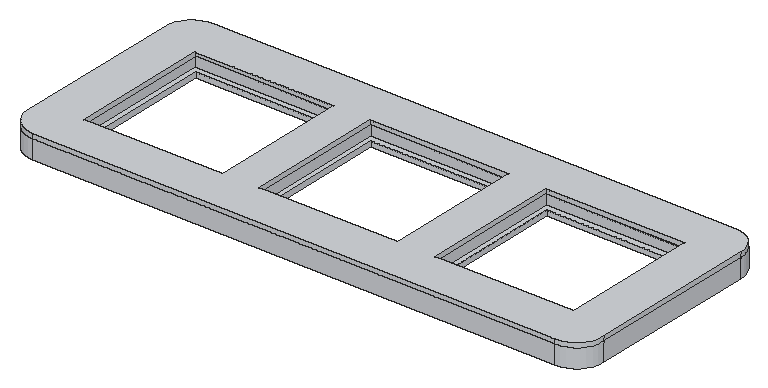
Revit family "Gira_0213413", category Electrical Fixtures, host Face, Revit 2017
Family settings
  Host = Face
  Maintain Annotation Orientation = No
  Round Connector Dimension = Use Diameter
  Part Type = Normal
  Cut with Voids When Loaded = No
  Shared = No
  Room Calculation Point = No
Parameters (values of type "Abdeckrahmen 3f Gira E3 Dklgrau/Reinweiß")
  Werkstoffgüte = "sonstige"
  Werkstoff = "sonstige"
  URL = "http://katalog.gira.de/de_DE/datenblatt.html?artikelnr=0213413"
  Transparent = "No"
  Textfeld/Beschriftungsfläche = "No"
  Schutzart (IP) = "IP20"
  Region = "DE"
  Oberfläche = "sonstige"
  Name = "Abdeckrahmen 3f Gira E3 Dklgrau/Reinweiß"
  Montagerichtung = "horizontal und vertikal"
  Mit Montagerahmen = "No"
  Mit Klappdeckel = "No"
  Manufacturer URL = "https://www.gira.de/"
  Keynote = "E3_Rahmen_3fach"
  HeinzeBIM = "https://bimportal.heinze.de/bim/abdeckrahmen-3f-gira-e3-dklgrau-reinweiss/f4487e6c7f405c5c4c5cc33ff46255256286e902"
  Halogenfrei = "No"
  HAN = "0213413"
  Geeignet für Unterputz-Installation = "Yes"
  Geeignet für Unterflurkanaldose = "No"
  Geeignet für Geräteeinbaukanal = "No"
  Geeignet für Einbauinstallation = "No"
  GTIN = "4010337024040"
  Farbe = "grau"
  Default Elevation = 1219.2 mm
  Data sheet (1) = "https://katalog.gira.de/de_DE/download.html?artikelnr=0213413"
  Category = "Abdeckrahmen"
  Befestigungsart = "Klemmbefestigung"
  Available = "Yes"
  Anzahl der Einheiten vertikal = "3 "
  Anzahl der Einheiten horizontal = "3 "
  Anzahl der Einheiten = "3 "
Reference planes
  plane 1 "Center (Front/Back)": y = 0
  plane 2: z = 0
  plane 3 "Center (Left/Right)": x = 0
Forms (mm)
  Extrusion 1, solid, detail levels fine
    sketch origin (0, 0, 0) x (1, 0, 0) y (0, 1, 0)
      loop
        arc (-106.1, 45.809) -> (-113.884, 42.585) -> (-117.109, 34.8) r 11.009
        line (-117.109, 34.8) -> (-117.109, -34.8)
        arc (-117.109, -34.8) -> (-113.884, -42.585) -> (-106.1, -45.809) r 11.009
        line (-106.1, -45.809) -> (106.1, -45.809)
        arc (106.1, -45.809) -> (113.884, -42.585) -> (117.109, -34.8) r 11.009
        line (117.109, -34.8) -> (117.109, 34.8)
        arc (117.109, 34.8) -> (113.884, 42.585) -> (106.1, 45.809) r 11.009
        line (106.1, 45.809) -> (-106.1, 45.809)
      loop
        line (-43.2, 28.187) -> (-99.456, 28.187) -> (-99.456, -28.187) -> (-43.2, -28.187) -> (-43.2, 28.187)
      loop
        line (-28.3, 28.187) -> (-28.3, -28.187) -> (27.956, -28.187) -> (27.956, 28.187) -> (-28.3, 28.187)
      loop
        line (43.2, 28.187) -> (43.2, -28.187) -> (99.456, -28.187) -> (99.456, 28.187) -> (43.2, 28.187)
    from 7.65 to 9.5
  Extrusion 2, solid, detail levels fine
    sketch origin (-71.5, 0, 0) x (1, 0, 0) y (0, 1, 0)
      loop
        line (26.1, 25.7) -> (-25.7, 25.7) -> (-25.7, -25.7) -> (26.1, -25.7) -> (26.1, 25.7)
      loop
        line (-28.187, -28.156) -> (28.187, -28.156) -> (28.187, 28.156) -> (-28.187, 28.156) -> (-28.187, -28.156)
    from 1.65 to 3.9
  Extrusion 3, solid, detail levels fine
    sketch origin (0, 0, 0) x (1, 0, 0) y (0, 1, 0)
      loop
        arc (-106.1, 45.809) -> (-113.884, 42.585) -> (-117.109, 34.8) r 11.009
        line (-117.109, 34.8) -> (-117.109, -34.8)
        arc (-117.109, -34.8) -> (-113.884, -42.585) -> (-106.1, -45.809) r 11.009
        line (-106.1, -45.809) -> (106.1, -45.809)
        arc (106.1, -45.809) -> (113.884, -42.585) -> (117.109, -34.8) r 11.009
        line (117.109, -34.8) -> (117.109, 34.8)
        arc (117.109, 34.8) -> (113.884, 42.585) -> (106.1, 45.809) r 11.009
        line (106.1, 45.809) -> (-106.1, 45.809)
      loop
        line (-115.143, 34.785) -> (-115.143, -34.785)
        arc (-115.143, -34.785) -> (-112.49, -41.19) -> (-106.084, -43.843) r 9.058
        line (-106.084, -43.843) -> (106.084, -43.843)
        arc (106.084, -43.843) -> (112.49, -41.19) -> (115.143, -34.785) r 9.058
        line (115.143, -34.785) -> (115.143, 34.785)
        arc (115.143, 34.785) -> (112.49, 41.19) -> (106.084, 43.843) r 9.058
        line (106.084, 43.843) -> (-106.084, 43.843)
        arc (-106.084, 43.843) -> (-112.49, 41.19) -> (-115.143, 34.785) r 9.058
    from 0 to 7.65
  Extrusion 4, solid, detail levels fine
    sketch origin (-35.75, 0, 0) x (1, 0, 0) y (0, 1, 0)
      loop
        line (-62.956, -31.075) -> (62.956, -31.075)
        arc (62.956, -31.075) -> (65.599, -29.98) -> (66.694, -27.337) r 3.739
        line (66.694, -27.337) -> (66.694, 27.337)
        arc (66.694, 27.337) -> (65.599, 29.98) -> (62.956, 31.075) r 3.739
        line (62.956, 31.075) -> (-62.956, 31.075)
        arc (-62.956, 31.075) -> (-65.599, 29.98) -> (-66.694, 27.337) r 3.739
        line (-66.694, 27.337) -> (-66.694, -27.337)
        arc (-66.694, -27.337) -> (-65.599, -29.98) -> (-62.956, -31.075) r 3.739
      loop
        line (-65.544, 27.537) -> (-65.544, -27.537)
        arc (-65.544, -27.537) -> (-64.845, -29.226) -> (-63.156, -29.925) r 2.389
        line (-63.156, -29.925) -> (63.156, -29.925)
        arc (63.156, -29.925) -> (64.845, -29.226) -> (65.544, -27.537) r 2.389
        line (65.544, -27.537) -> (65.544, 27.537)
        arc (65.544, 27.537) -> (64.845, 29.226) -> (63.156, 29.925) r 2.389
        line (63.156, 29.925) -> (-63.156, 29.925)
        arc (-63.156, 29.925) -> (-64.845, 29.226) -> (-65.544, 27.537) r 2.389
    from 1.65 to 7.65
  Extrusion 5, solid, detail levels fine
    sketch origin (0, 0, 0) x (1, 0, 0) y (0, 1, 0)
      loop
        line (-103.367, -39.8) -> (103.368, -39.8)
        arc (103.368, -39.8) -> (108.982, -36.708) -> (111.215, -30.7) r 9.2
        line (111.215, -30.7) -> (111.215, 30.7)
        arc (111.215, 30.7) -> (108.52, 37.205) -> (102.015, 39.9) r 9.2
        line (102.015, 39.9) -> (-102.014, 39.9)
        arc (-102.014, 39.9) -> (-108.52, 37.205) -> (-111.214, 30.7) r 9.2
        line (-111.214, 30.7) -> (-111.214, -30.7)
        arc (-111.214, -30.7) -> (-108.982, -36.708) -> (-103.367, -39.8) r 9.2
      loop
        line (-102.014, -31.7) -> (102.015, -31.7)
        arc (102.015, -31.7) -> (102.722, -31.407) -> (103.015, -30.7) r 1
        line (103.015, -30.7) -> (103.015, 30.7)
        arc (103.015, 30.7) -> (102.722, 31.407) -> (102.015, 31.7) r 1
        line (102.015, 31.7) -> (-102.014, 31.7)
        arc (-102.014, 31.7) -> (-102.721, 31.407) -> (-103.014, 30.7) r 1
        line (-103.014, 30.7) -> (-103.014, -30.7)
        arc (-103.014, -30.7) -> (-102.721, -31.407) -> (-102.014, -31.7) r 1
    from 1.65 to 3.9
  Extrusion 6, solid, detail levels fine
    sketch origin (-71.5, 0, 0) x (1, 0, 0) y (0, 1, 0)
      loop
        line (-28.187, 28.156) -> (-28.187, -28.156) -> (28.187, -28.156) -> (28.187, 28.156) -> (-28.187, 28.156)
      loop
        line (-29.925, 29.925) -> (-29.925, -29.925) -> (29.925, -29.925) -> (29.925, 29.925) -> (-29.925, 29.925)
    from 1.65 to 7.65
  Extrusion 7, solid, detail levels coarse+medium
    sketch origin (0, 0, 0) x (1, 0, 0) y (0, 1, 0)
      loop
        line (-117.109, 45.809) -> (-117.109, -45.809) -> (117.109, -45.809) -> (117.109, 45.809) -> (-117.109, 45.809)
    from 0 to 9.5
  Extrusion 8, solid, detail levels fine
    sketch origin (0, 0, 0) x (-1, 0, 0) y (0, -1, 0)
      loop
        line (25.9, -25.7) -> (25.9, 25.7) -> (-25.9, 25.7) -> (-25.9, -25.7) -> (25.9, -25.7)
      loop
        line (-28.187, 28.156) -> (-28.187, -28.156) -> (28.187, -28.156) -> (28.187, 28.156) -> (-28.187, 28.156)
    from 1.65 to 3.9
  Extrusion 9, solid, detail levels fine
    sketch origin (0, 0, 0) x (-1, 0, 0) y (0, -1, 0)
      loop
        line (-28.187, -28.156) -> (28.187, -28.156) -> (28.187, 28.156) -> (-28.187, 28.156) -> (-28.187, -28.156)
      loop
        line (-29.925, -29.925) -> (29.925, -29.925) -> (29.925, 29.925) -> (-29.925, 29.925) -> (-29.925, -29.925)
    from 1.65 to 7.65
  Extrusion 10, solid, detail levels fine
    sketch origin (71.5, 0, 0) x (-1, 0, 0) y (0, -1, 0)
      loop
        line (26.1, -25.7) -> (26.1, 25.7) -> (-25.7, 25.7) -> (-25.7, -25.7) -> (26.1, -25.7)
      loop
        line (-28.187, 28.156) -> (-28.187, -28.156) -> (28.187, -28.156) -> (28.187, 28.156) -> (-28.187, 28.156)
    from 1.65 to 3.9
  Extrusion 11, solid, detail levels fine
    sketch origin (71.5, 0, 0) x (-1, 0, 0) y (0, -1, 0)
      loop
        line (-28.187, -28.156) -> (28.187, -28.156) -> (28.187, 28.156) -> (-28.187, 28.156) -> (-28.187, -28.156)
      loop
        line (-29.925, -29.925) -> (29.925, -29.925) -> (29.925, 29.925) -> (-29.925, 29.925) -> (-29.925, -29.925)
    from 1.65 to 7.65
Dimensions and locks
  aligned and locked: plane 2 to host face
  aligned and locked: level to host face
